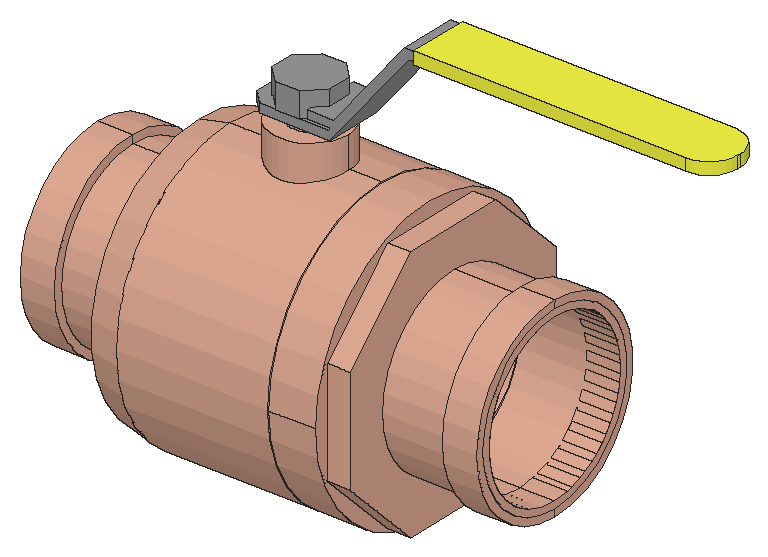
Revit family "430XLCLHK-Ball-Valve", category Pipe Accessories, Revit 2018
Family settings
  Round Connector Dimension = Use Diameter
  Part Type = Valve - Breaks Into
  OmniClass Number = 23.60.30.11.14
  OmniClass Title = Pipework Fittings
  Work Plane-Based = No
  Always vertical = Yes
  Cut with Voids When Loaded = No
  Shared = No
Parameters
  X6_Half [instance] = X6 / 2  # 0.324"
  Weight [instance] = size_lookup(LookupTable, "Weight", "NA", Nominal Diameter)  # "14.55 lbs."
  URL = "http://www.fnw.com"
  Standards Lookup Table = "Standards"  # constant formula
  R4 [instance] = size_lookup(LookupTable, "R4", 0.000", Nominal Diameter)  # 2.4075"
  Product ID [instance] = size_lookup(LookupTable, "ProductID", "NA", Nominal Diameter)  # "3801465"
  Pipe Diameter [instance] = size_lookup(Standards Lookup Table, "copper", 0.000", Nominal Diameter)  # 3.125"
  Part Number [instance] = size_lookup(LookupTable, "PartNumber", "NA", Nominal Diameter)  # "FNW430XLCM"
  PIpe Radius [instance] = Pipe Diameter / 2  # 1.5625"
  Manufacturer = "FNW"  # constant formula
  Insert [instance] = size_lookup(LookupTable, "insert", 0.000", Nominal Diameter)  # 1.910"
  Description BOM [instance] = size_lookup(LookupTable, "Description_BOM", "NA", Nominal Diameter)  # "Not For Potable Use 3 XLC Brass PXP Full Port BV Water"
  D5 Half [instance] = D5 / 2  # 1.830"
  D5 [instance] = size_lookup(LookupTable, "D5", 0.000", Nominal Diameter)  # 3.660"
  D3_Half [instance] = D3 / 2  # 0.5625"
  1_Z2 [instance] = size_lookup(LookupTable, "1_Z2", 0.000", Nominal Diameter)  # 0.1644"
  1_Z1 [instance] = size_lookup(LookupTable, "1_Z1", 0.000", Nominal Diameter)  # 1.88935"
  Z3 [instance] = size_lookup(LookupTable, "Z3", 0.000", Nominal Diameter)  # 0.46875"
  Z2 [instance] = size_lookup(LookupTable, "Z2", 0.000", Nominal Diameter)  # 3.425"
  Z1 [instance] = size_lookup(LookupTable, "Z1", 0.000", Nominal Diameter)  # 3.2606"
  1_Y1 [instance] = size_lookup(LookupTable, "1_Y1", 0.000", Nominal Diameter)  # 1.080"
  1_X4 [instance] = size_lookup(LookupTable, "1_X4", 0.000", Nominal Diameter)  # 0.7992"
  1_X1 [instance] = size_lookup(LookupTable, "1_X1", 0.000", Nominal Diameter)  # 1.5984"
  1_X3 [instance] = size_lookup(LookupTable, "1_X3", 0.000", Nominal Diameter)  # 8.070"
  X7 [instance] = size_lookup(LookupTable, "X7", 0.000", Nominal Diameter)  # 4.000"
  X6 [instance] = size_lookup(LookupTable, "X6", 0.000", Nominal Diameter)  # 0.648"
  X5 [instance] = size_lookup(LookupTable, "X5", 0.000", Nominal Diameter)  # 0.450"
  X4 [instance] = size_lookup(LookupTable, "X4", 0.000", Nominal Diameter)  # 0.900"
  X3 [instance] = size_lookup(LookupTable, "X3", 0.000", Nominal Diameter)  # 2.85667"
  X2 [instance] = size_lookup(LookupTable, "X2", 0.000", Nominal Diameter)  # 0.57333"
  1_X2 [instance] = size_lookup(LookupTable, "1_X2", 0.000", Nominal Diameter)  # 1.41701"
  X1 [instance] = size_lookup(LookupTable, "X1", 0.000", Nominal Diameter)  # 1.910"
  Show Lever Clearance [instance] = no
  R3 [instance] = size_lookup(LookupTable, "R3", 0.000", Nominal Diameter)  # 2.675"
  R2 [instance] = size_lookup(LookupTable, "R2", 0.000", Nominal Diameter)  # 2.54125"
  R1_Diam [instance] = R1 * 2  # 3.365"
  R1 [instance] = size_lookup(LookupTable, "R1", 0.000", Nominal Diameter)  # 1.6825"
  Nominal Radius [instance] = Nominal Diameter / 2  # 1.500"
  Nominal Diameter [instance] = 3.000"
  LookupTable = "430XLCLHK-Ball-Valve"  # constant formula
  HexAngle1 [instance] = 135.00°  # constant formula
  D3 [instance] = size_lookup(LookupTable, "D3", 0.000", Nominal Diameter)  # 1.125"
  D2 [instance] = size_lookup(LookupTable, "D2", 0.000", Nominal Diameter)  # 0.750"
  D1 [instance] = size_lookup(LookupTable, "D1", 0.000", Nominal Diameter)  # 1.434"
Reference planes (in)
  plane 1 "Center (Front/Back)": y = 0
  plane 2: z = 0
  plane 3 "Center (Left/Right)": x = 0
  plane 4 "X7 End": x = -4
  plane 5 "D1 Top": z = 3.2606
  plane 6 "D2 Top": z = 3.425
  plane 7: x = -2.09
  plane 8: x = -1.51667
  plane 9: x = 1.34
  plane 10 "Face EXT": x = 2.24
  plane 11: x = 2.69
  plane 12 "R3 Top": z = 2.675
  plane 13 "R2 Top": z = 2.54125
  plane 14 "R1 Top": z = 1.6825
  plane 15 "Pipe radius": z = 1.5625
  plane 16 "NPT": x = -2.09
  plane 17 "NPT 2": x = 2.24
  plane 18: x = 4.6
  plane 19 "X61": x = -4
  plane 20: x = -3.352
  plane 21 "X62": x = 3.952
  plane 22: x = 4.6
  plane 23: z = 3.5894
  plane 24: x = 4.276
  plane 25: x = -3.676
  plane 26: z = 4.05815
  plane 27: z = 1.83
  plane 28: x = -2.09
  plane 29: x = 2.69
Forms (in)
  Extrusion 1, solid, material "Copper_01"
    sketch origin (0, 0, 0) x (1, 0, 0) y (0, 1, 0)
      loop
        circle (0, 0) r 0.375
    from 3.2606 to 3.425
  Extrusion 2, solid, material "Copper_01"
    sketch origin (0, 0, 0) x (0, 1, 0) y (0, 0, 1)
      loop
        circle (0, 0) r 2.675
      loop
        circle (0, 0) r 1.5625
    from 1.34 to 2.24
  Extrusion 3, solid, material "Copper_01"
    sketch origin (0, 0, 1.5625) x (-1, 0, 0) y (0, -1, 0)
      loop
        circle (0, 0) r 0.717
    from 0 to 1.6981
  Extrusion 4, solid, material "Copper_01", not visible
    sketch origin (-2.09, 0, 0) x (0, 0, 1) y (0, -1, 0)
      loop
        circle (0, 0) r 1.5
    from 0 to 4.78
  Extrusion 5, solid, material "Copper_01"
    sketch origin (-2.09, 0, 0) x (0, 0, 1) y (0, -1, 0)
      loop
        circle (0, 0) r 1.6825
      loop
        circle (0, 0) r 1.5625
    from -1.91 to 0
  Extrusion 6, solid, material "Copper_01"
    sketch origin (2.24, 0, 0) x (0, 0, 1) y (0, -1, 0)
      loop
        line (-0.99722, -2.4075) -> (0.99722, -2.4075) -> (2.4075, -0.99722) -> (2.4075, 0.99722) -> (0.99722, 2.4075) -> (-0.99722, 2.4075) -> (-2.4075, 0.99722) -> (-2.4075, -0.99722) -> (-0.99722, -2.4075)
      loop
        circle (0, 0) r 1.5625
    from 0 to 0.45
  Revolve 7, solid, material "Copper_01"
    sketch origin (0, 0, 0) x (1, 0, 0) y (0, 0, 1)
      loop
        line (1.34, 1.5625) -> (1.34, 2.675) -> (-1.51297, 2.675) -> (-2.09, 2.54125) -> (-2.09, 1.5625) -> (1.34, 1.5625)
      axis (-2.09, 0) -> (1.34, 0)
    angle from 0 to 360
  Revolve 8, solid, material "Copper_01"
    sketch origin (0, 0, 0) x (1, 0, 0) y (0, 0, 1)
      loop
        line (-4, 1.83) -> (-4, 1.5625) -> (-3.352, 1.5625) -> (-3.352, 1.83) -> (-4, 1.83)
      axis (-4, 0) -> (-3.352, 0)
    angle from 0 to 360
  Revolve 9, solid, material "Copper_01"
    sketch origin (0, 0, 0) x (1, 0, 0) y (0, 0, 1)
      loop
        line (3.952, 1.83) -> (3.952, 1.5625) -> (4.6, 1.5625) -> (4.6, 1.83) -> (3.952, 1.83)
      axis (3.952, 0) -> (4.6, 0)
    angle from 0 to 360
  Extrusion 10, solid, material "Copper_01"
    sketch origin (-2.09, 0, 0) x (0, 0, 1) y (0, -1, 0)
      loop
        circle (0, 0) r 1.6825
      loop
        circle (0, 0) r 1.5625
    from 4.78 to 6.69
Dimensions and locks (in)
  "X7": plane 4 "X7 End" to plane 3 "Center (Left/Right)"
  "Z1": plane 5 "D1 Top" to plane 2
  "Z2": plane 6 "D2 Top" to plane 2
  "X1": plane 4 "X7 End" to plane 7
  "X2": plane 8 to plane 7
  "X3": plane 9 to plane 8
  "X4": plane 10 "Face EXT" to plane 9
  "X5": plane 11 to plane 10 "Face EXT"
  "R3": plane 12 "R3 Top" to plane 2
  "R2": plane 13 "R2 Top" to plane 2
  "R1": plane 14 "R1 Top" to plane 2
  "PIpe Radius": plane 15 "Pipe radius" to plane 2
  "X1": plane 4 "X7 End" to plane 16 "NPT"
  "X5": plane 11 to plane 17 "NPT 2"
  "X1": plane 18 to plane 11
  "R4": Extrusion 6 sketch curve to plane 1 "Center (Front/Back)"
  "R4": plane 1 "Center (Front/Back)" to Extrusion 6 sketch curve  (x5)
  "R4": plane 2 to Extrusion 6 sketch curve  (x2)
  "1_Z2": plane 23 to plane 6 "D2 Top"
  equal spacing: plane 20, plane 25, plane 19 "X61"
  equal spacing: plane 22, plane 24, plane 21 "X62"
  "X6": plane 22 to plane 21 "X62"
  "X6": plane 20 to plane 19 "X61"
  "X6_Half": plane 4 "X7 End" to plane 25
  "Z3": plane 26 to plane 23
  "D5 Half": plane 27 to plane 2
  "X6_Half": plane 24 to plane 18
  "Insert": plane 29 to plane 18
  "Insert": plane 28 to plane 4 "X7 End"
  plane 14 "R1 Top" to plane 15 "Pipe radius" = 0.120"
  "D2": diameter of Extrusion 1 sketch curve
  "R3": radius of Extrusion 2 sketch curve
  "PIpe Radius": radius of Extrusion 2 sketch curve
  "D1": diameter of Extrusion 3 sketch curve
  "Nominal Radius": radius of Extrusion 4 sketch curve
  "R1": radius of Extrusion 5 sketch curve
  "PIpe Radius": radius of Extrusion 5 sketch curve
  "PIpe Radius": radius of Extrusion 6 sketch curve
  "R1": radius of Extrusion 10 sketch curve
  "PIpe Radius": radius of Extrusion 10 sketch curve
  angle Extrusion 6 sketch curve to Extrusion 6 sketch curve = 135.00°  (x7)
  aligned and locked: plane 2 to level
  aligned and locked: Extrusion 1 to plane 5 "D1 Top"
  aligned and locked: plane 6 "D2 Top" to Extrusion 1
  aligned and locked: Extrusion 2 to plane 9
  aligned and locked: Extrusion 2 to plane 10 "Face EXT"
  aligned and locked: plane 5 "D1 Top" to Extrusion 3
  aligned and locked: plane 4 "X7 End" to Extrusion 5
  aligned and locked: Revolve 7 sketch curve to level
  aligned and locked: Revolve 8 sketch curve to plane 2
  aligned and locked: Revolve 9 sketch curve to plane 2
  aligned and locked: plane 7 to Extrusion 5
  aligned and locked: Extrusion 10 to plane 11
  aligned and locked: Extrusion 10 to plane 18
  aligned and locked: Extrusion 6 to plane 11
  aligned and locked: Extrusion 4 to plane 28
  aligned and locked: plane 29 to Extrusion 4
  aligned and locked: plane 27 to Revolve 8 sketch curve
  aligned and locked: Revolve 8 sketch curve to plane 20
  aligned and locked: Revolve 8 sketch curve to plane 4 "X7 End"
  aligned and locked: plane 27 to Revolve 9 sketch curve
  aligned and locked: plane 21 "X62" to Revolve 9 sketch curve
  aligned and locked: Revolve 9 sketch curve to plane 22
  aligned and locked: plane 15 "Pipe radius" to Revolve 8 sketch curve
  aligned and locked: Revolve 9 sketch curve to plane 15 "Pipe radius"
Automatic sketch dimensions
  Revolve 7 sketch curve to plane 7 = 0.000"
  Revolve 7 sketch curve to plane 12 "R3 Top" = 0.000"
  Revolve 7 sketch curve to plane 9 = 0.000"
  Revolve 7 sketch curve to plane 15 "Pipe radius" = 0.000"
  Revolve 7 sketch curve to plane 13 "R2 Top" = 0.000"
  plane 8 to Revolve 7 sketch curve = 0.0037"
  plane 4 "X7 End" to Revolve 7 sketch curve = 0.1481"
  plane 7 to Revolve 7 sketch curve = 0.02483"
  plane 4 "X7 End" to Revolve 8 sketch curve = 1.24841"
  plane 20 to Revolve 8 sketch curve = 0.10444"
  Revolve 9 sketch curve to plane 11 = 0.01599"
  Revolve 9 sketch curve to plane 18 = 1.73101"
  plane 1 "Center (Front/Back)" to Extrusion 1 sketch curve = 0.000"
  Extrusion 1 sketch curve to plane 3 "Center (Left/Right)" = 0.000"
  Extrusion 2 sketch curve to Extrusion 2 sketch curve = 0.000"  (x2)
  Extrusion 2 sketch curve to level = 0.000"
  Extrusion 2 sketch curve to plane 1 "Center (Front/Back)" = 0.000"
  plane 1 "Center (Front/Back)" to Extrusion 3 sketch curve = 0.000"
  Extrusion 3 sketch curve to plane 3 "Center (Left/Right)" = 0.000"
  Extrusion 4 sketch curve to level = 0.000"
  Extrusion 4 sketch curve to plane 1 "Center (Front/Back)" = 0.000"
  Extrusion 5 sketch curve to Extrusion 5 sketch curve = 0.000"  (x2)
  Extrusion 5 sketch curve to level = 0.000"
  Extrusion 5 sketch curve to plane 1 "Center (Front/Back)" = 0.000"
  Extrusion 6 sketch curve to level = 0.000"
  Extrusion 6 sketch curve to plane 1 "Center (Front/Back)" = 0.000"
  Extrusion 10 sketch curve to Extrusion 10 sketch curve = 0.000"  (x2)
  Extrusion 10 sketch curve to level = 0.000"
  Extrusion 10 sketch curve to plane 1 "Center (Front/Back)" = 0.000"
Nested families (in)
  nested 1: "Nested Lever Lock_430XLC" at (0, 0, 3.425), Show Lever Clearance <- "Show Lever Clearance", D3 <- "D3", Z3 <- "Z3", 1_X1 <- "1_X1", 1_X2 <- "1_X2", 1_X4 <- "1_X4", 1_Y1 <- "1_Y1", 1_Z1 <- "1_Z1", 1_Z2 <- "1_Z2", 1_X3 <- "1_X3", type "Nested Lever_430XLC"
    with Z3 0.46875", Z1_Z2 1.02688", Void_Outer_Radius 0.6025", Void_Outer 1.205", Tab_Width 0.6025", Tab_Height_Center 0.94468", Tab Lock 0.19565", Show Lever Clearance no, Product ID "", Part Number "", Lock_Tab_Width 1.330", Hypotenuse_Tab_Center 1.18084", Grip_L3 0.2269", Grip_L2 0.19565", Grip_L1 0.03125", Description BOM "", D3_Half 0.375", D3 1.125", Clearance Hieght 6.000", Angle Hex Head 135.00°, Ang_Constraint 39.81°, 1_Z2_Half 0.0822", 1_Z2 0.1644", 1_Z1_Quarter 0.55454", 1_Z1 1.88935", 1_Y1_Half 0.540", 1_Y1 1.080", 1_X6_Half 1.000", 1_X6 1.000", 1_X4 0.7992", 1_X3_and_1__Y1_Half 8.610", 1_X3 8.070", 1_X2_Quarter 0.35425", 1_X2_Half 0.70851", 1_X2 1.41701", 1_X1 1.5984", 0Grip 2.125"
Connectors (in)
  piping at (-2.09, 0, 0), diameter 3, driven by "Nominal Diameter"
    settings: on Extrusion 4, index 1, connector inside diameter 24", connector length 0.000", flow factor 0, pipe flow 0 GPM, pressure drop 0.00 psi, fitting loss kfactor 0, connector angle 0.00°, fixture units 0, engagement length 0.000", angle of deflection 0.00°, flow configuration 0, flow direction 0, fitting loss method 0, system type 7, joint type 0, gender type 0, connector reference index 2, connector utility 0, adjustable connector no, is connector primary yes, connector description ""
  piping at (2.69, 0, 0), diameter 3, driven by "Nominal Diameter"
    settings: on Extrusion 4, index 2, connector inside diameter 24", connector length 0.000", flow factor 0, pipe flow 0 GPM, pressure drop 0.00 psi, fitting loss kfactor 0, connector angle 0.00°, fixture units 0, engagement length 0.000", angle of deflection 0.00°, flow configuration 0, flow direction 0, fitting loss method 0, system type 7, joint type 0, gender type 0, connector reference index 1, connector utility 0, adjustable connector no, is connector primary no, connector description ""
Definition of nested family "Nested Lever Lock_430XLC"
  Parameters (values of type "Nested Lever Lock_430A")
    Z3 [instance] = 0.125"
    Z1_Z2 [instance] = ([1_Z1] + [1_Z2]) / 2  # 0.6875"
    Tab_Width [instance] = [1_Y1_Half] + (Grip_L1 * 2)  # 1.0625"
    Tab_Height_Center [instance] = [1_Z1] / 2  # 0.625"
    Tab Lock [instance] = [1_Z2] + 0.03125"  # 0.15625"
    Product ID [instance] = ""
    Part Number [instance] = ""
    Lock_Tab_Width [instance] = [1_Y1] + 0.250"  # 2.250"
    Hypotenuse_Tab_Center [instance] = sqrt(Tab_Height_Center ^ 2 + [1_X2_Half] ^ 2)  # 0.97628"
    Description BOM [instance] = ""
    Angle 2 = 45.00°  # constant formula
    Ang_Constraint [instance] = 39.81°  # constant formula
    1_Z2_Half [instance] = [1_Z2] / 2  # 0.0625"
    1_Z2 [instance] = 0.125"
    1_Z1_Quarter [instance] = [1_Z1] / 4 + ([1_Z2_Half])  # 0.375"
    1_Z1 [instance] = 1.250"
    1_Y1_Half [instance] = [1_Y1] / 2  # 1.000"
    1_Y1 [instance] = 2.000"
    1_X6_Half [instance] = [1_X6]  # 1.000"
    1_X6 [instance] = 1.000"
    1_X2_Quarter [instance] = [1_X2] / 4  # 0.375"
    1_X2_Half [instance] = [1_X2] / 2  # 0.750"
    1_X1 [instance] = 2.500"
    1_X3_and_1__Y1_Half [instance] = [1_X3] + [1_Y1_Half]  # 13.66198"
    1_X3 [instance] = 12.66198"
    1_X2 [instance] = 1.500"
    Void_Outer_Radius [instance] = Void_Outer / 2  # 1.0625"
    Void_Outer [instance] = [1_Y1] + Grip_L1 * 4  # 2.125"
    Show Lever Clearance [instance] = yes
    Grip_L3 [instance] = Grip_L1 + Grip_L2  # 0.1875"
    Grip_L1 [instance] = 0.03125"  # constant formula
    Grip_L2 [instance] = [1_Z2] + Grip_L1  # 0.15625"
    Default Elevation = 48.000"
    D3_Half [instance] = D3 / 3  # 0.23251"
    D3 [instance] = 0.69752"
    Clearance Hieght [instance] = 6.000"  # constant formula
    Angle Hex Head [instance] = 135.00°  # constant formula
    1_X4 [instance] = 1.000"
    0Grip [instance] = 2.125"  # constant formula
  Reference planes (in)
    plane 1 "Center (Front/Back)": y = 0
    plane 2: z = 0
    plane 3 "Center (Left/Right)": x = 0
    plane 4: z = 0.125
    plane 5: x = -1
    plane 6: x = 12.66198
    plane 7: y = 1
    plane 8: y = -1
    plane 9: x = 1.5
    plane 10: x = 3
    plane 11: z = 1.375
    plane 12: z = 1.25
    plane 13: z = 0.25
    plane 14: z = 1.40625
    plane 15: z = 1.21875
    plane 16: x = 3.15625
    plane 17: y = 1.03125
    plane 18: y = -1.03125
    plane 19: z = -1.125
    plane 20: y = 0.5
    plane 21: y = -0.5
    plane 22: x = -1.125
    plane 23: x = 2.25
    plane 24: x = 1.875
    plane 25: x = 0.23251
    plane 26: z = 0.28125
  Forms (in)
    Extrusion 1, solid
      sketch origin (0, 0, 0) x (1, 0, 0) y (0, 1, 0)
        loop
          line (-48, 48) -> (-48, -48) -> (48, -48) -> (48, 48) -> (-48, 48)
      from 0 to -12
    Extrusion 2, solid
      sketch origin (0, 0, 0) x (1, 0, 0) y (0, 0, 1)
        loop
          line (1.64878, 0.28125) -> (0.23251, 0.28125) -> (0.23251, 0.16925) -> (1.5, 0.16925) -> (1.5, 0) -> (3.04425, 1.25) -> (4.15625, 1.25) -> (4.15625, 1.375) -> (3, 1.375) -> (1.64878, 0.28125)
      from -1 to 1
    Extrusion 3, solid
      sketch origin (0, 0, 0) x (1, 0, 0) y (0, 1, 0)
        loop
          line (1, 0.41421) -> (0.41421, 1) -> (-0.41421, 1) -> (-1, 0.41421) -> (-1, -0.41421) -> (-0.41421, -1) -> (0.41421, -1) -> (1, -0.41421) -> (1, 0.41421)
      from 0.125 to 0.25
    Extrusion 4, solid
      sketch origin (0, 0, 0) x (1, 0, 0) y (0, 1, 0)
        loop
          line (11.66198, 1.03125) -> (3.15625, 1.03125) -> (3.15625, -1.03125) -> (11.66198, -1.03125)
          arc (11.66198, -1.03125) -> (12.36908, -0.73836) -> (12.66198, -0.03125) r 1
          line (12.66198, -0.03125) -> (12.66198, 0.03125)
          arc (12.66198, 0.03125) -> (12.36908, 0.73836) -> (11.66198, 1.03125) r 1
      from 1.21875 to 1.40625
    Extrusion 5, solid, visible <- "Show Lever Clearance"
      sketch origin (0, 0, 0) x (1, 0, 0) y (0, 1, 0)
        loop
          line (-1, 1) -> (-1, -12.66198)
          arc (-1, -12.66198) -> (8.66048, -8.66048) -> (12.66198, 1) r 13.66198
          line (12.66198, 1) -> (-1, 1)
      from 0 to 6 <- "Clearance Hieght"
    Extrusion 6, solid
      sketch origin (0, 0, 0) x (1, 0, 0) y (0, 1, 0)
        loop
          line (1.5, -1) -> (1.5, 1) -> (-0.5, 1) -> (-1, 0.5) -> (-1, -0.5) -> (-0.5, -1) -> (1.5, -1)
      from 0 to 0.125
  Cuts and joins
    joined: Extrusion 2, Extrusion 6
  Lines and regions (in)
    reference lines
      curve 1: line (0, 0, 3.39657) -> (0, 0, -1.625)
  Dimensions and locks (in)
    "1_Z2": plane 4 to plane 2
    "1_X4": plane 3 "Center (Left/Right)" to plane 5
    "1_X3": plane 6 to plane 3 "Center (Left/Right)"
    equal spacing: plane 7, plane 1 "Center (Front/Back)", plane 8
    "1_Y1": plane 7 to plane 8
    "1_X1": plane 9 to plane 5
    "1_X2": plane 10 to plane 9
    "1_Z1": plane 11 to plane 4
    "1_Z2": plane 11 to plane 12
    equal spacing: Extrusion 3 sketch curve, curve 1, Extrusion 3 sketch curve  (x4)
    "1_Y1": Extrusion 3 sketch curve to Extrusion 3 sketch curve  (x4)
    "Z3": plane 13 to plane 4
    "Grip_L1": plane 14 to plane 11
    "Grip_L2": plane 11 to plane 15
    "Grip_L2": plane 16 to plane 10
    "Grip_L1": plane 8 to plane 18
    "Grip_L1": plane 17 to plane 7
    "1_Y1_Half": plane 16 to Extrusion 2
    "1_X3_and_1__Y1_Half": Extrusion 5 sketch curve to Extrusion 5 sketch curve  (x2)
    equal spacing: Extrusion 6 sketch curve, plane 1 "Center (Front/Back)", Extrusion 6 sketch curve
    "1_Y1_Half": Extrusion 6 sketch curve to Extrusion 6 sketch curve
    equal spacing: plane 21, plane 1 "Center (Front/Back)", plane 20
    "1_Y1_Half": plane 21 to plane 20
    "1_Z2": plane 5 to plane 22
    "1_X2_Half": plane 23 to plane 9
    "1_X2_Quarter": plane 24 to plane 9
    "D3_Half": plane 25 to plane 3 "Center (Left/Right)"
    "1_Z2": Extrusion 2 sketch curve to Extrusion 2 sketch curve
    "Tab Lock": plane 26 to plane 4
    "1_Y1_Half": radius of Extrusion 4 sketch curve  (x2)
    "1_X3_and_1__Y1_Half": radius of Extrusion 5 sketch curve
    "Angle Hex Head": angle Extrusion 3 sketch curve to Extrusion 3 sketch curve  (x6)
    "Angle 2": angle plane 5 to Extrusion 6 sketch curve
    "Angle 2": angle Extrusion 6 sketch curve to plane 5
    aligned and locked: plane 2 to Extrusion 1
    aligned and locked: level to Extrusion 1
    aligned and locked: plane 10 to Extrusion 2 sketch curve
    aligned and locked: plane 12 to Extrusion 2 sketch curve
    aligned and locked: plane 11 to Extrusion 2 sketch curve
    aligned and locked: curve 1 to plane 3 "Center (Left/Right)"
    aligned and locked: plane 4 to Extrusion 3
    aligned and locked: Extrusion 3 to plane 13
    aligned and locked: Extrusion 4 sketch curve to plane 16
    aligned and locked: Extrusion 4 sketch curve to plane 18
    aligned and locked: plane 17 to Extrusion 4 sketch curve
    aligned and locked: Extrusion 4 to plane 15
    aligned and locked: Extrusion 4 to plane 14
    aligned and locked: Extrusion 2 to plane 8
    aligned and locked: plane 7 to Extrusion 2
    aligned and locked: Extrusion 2 sketch curve to plane 9
    aligned and locked: plane 9 to Extrusion 6 sketch curve
    aligned and locked: Extrusion 6 sketch curve to plane 5
    aligned and locked: Extrusion 6 to plane 4
    aligned and locked: Extrusion 2 sketch curve to plane 25
    aligned and locked: Extrusion 2 to plane 26
  Automatic sketch dimensions
    Extrusion 1 sketch curve to Extrusion 1 sketch curve = 96.000"  (x2)
    plane 19 to curve 1 = 0.500"
    plane 14 to curve 1 = 1.99032"
    Extrusion 2 sketch curve to plane 26 = 0.000"
    Extrusion 2 sketch curve to level = 0.000"
    plane 16 to Extrusion 2 sketch curve = 1.000"
    Extrusion 2 sketch curve to plane 4 = 0.04425"
    Extrusion 4 sketch curve to plane 6 = 0.000"
    Extrusion 5 sketch curve to plane 5 = 0.000"
    Extrusion 5 sketch curve to plane 7 = 0.000"
    Extrusion 6 sketch curve to plane 8 = 0.000"
    Extrusion 6 sketch curve to plane 7 = 0.000"
